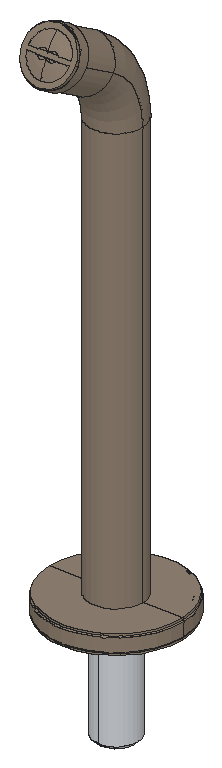
Revit family "Reece_Tap_Milli_Etch_Wall Basin or Bath Outlet", category Plumbing Fixtures, host Face, Revit 2018
Family settings
  Host = Face
  Round Connector Dimension = Use Diameter
  Part Type = Normal
  Cut with Voids When Loaded = No
  Shared = Yes
  Room Calculation Point = Yes
Parameters (values of type "250 mm_Brushed Bronze")
  WFU = 0  # constant formula
  URL = "https://www.reece.com.au/product/-21869"
  Type Comments = "Tap"
  Reece_Tap_Reach = 250 mm
  Reece_Tap_Inlet = 12 mm  # constant formula
  Reece_Product_Web Page = "https://www.reece.com.au/product/-21869"
  Reece_Product_Type = "Tap"
  Reece_Product_Sub Brand = "Etch"
  Reece_Product_Number = "21869"
  Reece_Product_Mount = "Wall Mounted"
  Reece_Product_Description = "Milli Etch Wall Basin / Bath Outlet 250mm Brushed Bronze (6 Star) Lead Free"
  Reece_Product_Brand = "Milli"
  Reece_Material_Secondary = Reece_PVD_Brushed Bronze_Knurl Pattern
  Reece_Material_Main = Reece_PVD_Brushed Bronze
  Reece_Detail_Installation = ""
  Reece_Detail_Disclaimer = "THIS FILE IS THE PROPERTY OF THE REECE GROUP. IT MAY NOT BE REPRODUCED, REVERSE-ENGINEERED, OR MODIFIED. ANY REPUBLICATION, TRANSMISSION, OR DISTRIBUTION FOR THE PURPOSE OF COMMERCIALLY EXPLOITING THE FILES IS PROHIBITED."  # constant formula
  Reece_Detail_Connector = ""
  Reece_Detail_Additional = "Wall Basin or Bath Outlet"
  Model = "Etch"
  Manufacturer = "Milli"
  Keynote = "Product #21869, Reece_Tap_Milli_Etch_Wall Basin or Bath Outlet - 250 mm_Brushed Bronze"
  HWFU = 0  # constant formula
  Disclaimer = "THIS FILE IS THE PROPERTY OF THE REECE GROUP. IT MAY NOT BE REPRODUCED, REVERSE-ENGINEERED, OR MODIFIED. ANY REPUBLICATION, TRANSMISSION, OR DISTRIBUTION FOR THE PURPOSE OF COMMERCIALLY EXPLOITING THE FILES IS PROHIBITED."  # constant formula
  Description = "Milli Etch Wall Basin / Bath Outlet 250mm Brushed Bronze (6 Star) Lead Free"
  Default Elevation = 1000 mm
  CWFU = 0  # constant formula
Types (18, lengths in mm): name | URL | Reece_Tap_Reach | Reece_Product_Web Page | Reece_Product_Number | Reece_Product_Description | Reece_Material_Secondary | Reece_Material_Main | Keynote | Description
  160 mm_Chrome | "https://www.reece.com.au/product/-21852" | 160 | "https://www.reece.com.au/product/-21852" | "21852" | "Milli Etch Wall Basin / Bath Outlet 160mm Chrome (6 Star) Lead Free" | Reece_Brass_Chrome_Knurl Pattern | Reece_Brass_Chrome | "Product #21852, Reece_Tap_Milli_Etch_Wall Basin or Bath Outlet - 160 mm_Chrome" | "Milli Etch Wall Basin / Bath Outlet 160mm Chrome (6 Star) Lead Free"
  250 mm_Chrome | "https://www.reece.com.au/product/-21864" | 250 | "https://www.reece.com.au/product/-21864" | "21864" | "Milli Etch Wall Basin / Bath Outlet 250mm Chrome (6 Star) Lead Free" | Reece_Brass_Chrome_Knurl Pattern | Reece_Brass_Chrome | "Product #21864, Reece_Tap_Milli_Etch_Wall Basin or Bath Outlet - 250 mm_Chrome" | "Milli Etch Wall Basin / Bath Outlet 250mm Chrome (6 Star) Lead Free"
  200 mm_Chrome | "https://www.reece.com.au/product/-21858" | 200 | "https://www.reece.com.au/product/-21858" | "21858" | "Milli Etch Wall Basin / Bath Outlet 200mm Chrome (6 Star) Lead Free" | Reece_Brass_Chrome_Knurl Pattern | Reece_Brass_Chrome | "Product #21858, Reece_Tap_Milli_Etch_Wall Basin or Bath Outlet - 200 mm_Chrome" | "Milli Etch Wall Basin / Bath Outlet 200mm Chrome (6 Star) Lead Free"
  250 mm_Brushed Gunmetal | "https://www.reece.com.au/product/-21868" | 250 | "https://www.reece.com.au/product/-21868" | "21868" | "Milli Etch Wall Basin / Bath Outlet 250mm Brushed Gunmetal (6 Star) Lead Free" | Reece_Brass_Brushed Gunmetal_Knurl Pattern | Reece_Brass_Brushed Gunmetal | "Product #21868, Reece_Tap_Milli_Etch_Wall Basin or Bath Outlet - 250 mm_Brushed Gunmetal" | "Milli Etch Wall Basin / Bath Outlet 250mm Brushed Gunmetal (6 Star) Lead Free"
  250 mm_Brushed Bronze | "https://www.reece.com.au/product/-21869" | 250 | "https://www.reece.com.au/product/-21869" | "21869" | "Milli Etch Wall Basin / Bath Outlet 250mm Brushed Bronze (6 Star) Lead Free" | Reece_PVD_Brushed Bronze_Knurl Pattern | Reece_PVD_Brushed Bronze | "Product #21869, Reece_Tap_Milli_Etch_Wall Basin or Bath Outlet - 250 mm_Brushed Bronze" | "Milli Etch Wall Basin / Bath Outlet 250mm Brushed Bronze (6 Star) Lead Free"
  250 mm_Brushed Gold | "https://www.reece.com.au/product/-21867" | 250 | "https://www.reece.com.au/product/-21867" | "21867" | "Milli Etch Wall Basin / Bath Outlet 250mm Brushed Gold (6 Star) Lead Free" | Reece_PVD_Brushed Gold_Knurl Pattern | Reece_PVD_Brushed Gold | "Product #21867, Reece_Tap_Milli_Etch_Wall Basin or Bath Outlet - 250 mm_Brushed Gold" | "Milli Etch Wall Basin / Bath Outlet 250mm Brushed Gold (6 Star) Lead Free"
  250 mm_Matte Black | "https://www.reece.com.au/product/-21865" | 250 | "https://www.reece.com.au/product/-21865" | "21865" | "Milli Etch Wall Basin / Bath Outlet 250mm Matte Black (6 Star) Lead Free" | Reece_Brass_Matte Black_Knurl Pattern | Reece_Brass_Matte Black | "Product #21865, Reece_Tap_Milli_Etch_Wall Basin or Bath Outlet - 250 mm_Matte Black" | "Milli Etch Wall Basin / Bath Outlet 250mm Matte Black (6 Star) Lead Free"
  250 mm_Brushed Nickel | "https://www.reece.com.au/product/-21866" | 250 | "https://www.reece.com.au/product/-21866" | "21866" | "Milli Etch Wall Basin / Bath Outlet 250mm Brushed Nickel (6 Star) Lead Free" | Reece_Brass_Brushed Nickel_Knurl Pattern | Reece_Brass_Brushed Nickel | "Product #21866, Reece_Tap_Milli_Etch_Wall Basin or Bath Outlet - 250 mm_Brushed Nickel" | "Milli Etch Wall Basin / Bath Outlet 250mm Brushed Nickel (6 Star) Lead Free"
  200 mm_Brushed Bronze | "https://www.reece.com.au/product/-21863" | 200 | "https://www.reece.com.au/product/-21863" | "21863" | "Milli Etch Wall Basin / Bath Outlet 200mm Brushed Bronze (6 Star) Lead Free" | Reece_PVD_Brushed Bronze_Knurl Pattern | Reece_PVD_Brushed Bronze | "Product #21863, Reece_Tap_Milli_Etch_Wall Basin or Bath Outlet - 200 mm_Brushed Bronze" | "Milli Etch Wall Basin / Bath Outlet 200mm Brushed Bronze (6 Star) Lead Free"
  200 mm_Brushed Gold | "https://www.reece.com.au/product/-21861" | 200 | "https://www.reece.com.au/product/-21861" | "21861" | "Milli Etch Wall Basin / Bath Outlet 200mm Brushed Gold (6 Star) Lead Free" | Reece_PVD_Brushed Gold_Knurl Pattern | Reece_PVD_Brushed Gold | "Product #21861, Reece_Tap_Milli_Etch_Wall Basin or Bath Outlet - 200 mm_Brushed Gold" | "Milli Etch Wall Basin / Bath Outlet 200mm Brushed Gold (6 Star) Lead Free"
  200 mm_Brushed Gunmetal | "https://www.reece.com.au/product/-21862" | 200 | "https://www.reece.com.au/product/-21862" | "21862" | "Milli Etch Wall Basin / Bath Outlet 200mm Brushed Gunmetal (6 Star) Lead Free" | Reece_Brass_Brushed Gunmetal_Knurl Pattern | Reece_Brass_Brushed Gunmetal | "Product #21862, Reece_Tap_Milli_Etch_Wall Basin or Bath Outlet - 200 mm_Brushed Gunmetal" | "Milli Etch Wall Basin / Bath Outlet 200mm Brushed Gunmetal (6 Star) Lead Free"
  200 mm_Matte Black | "https://www.reece.com.au/product/-21859" | 200 | "https://www.reece.com.au/product/-21859" | "21859" | "Milli Etch Wall Basin / Bath Outlet 200mm Matte Black (6 Star) Lead Free" | Reece_Brass_Matte Black_Knurl Pattern | Reece_Brass_Matte Black | "Product #21859, Reece_Tap_Milli_Etch_Wall Basin or Bath Outlet - 200 mm_Matte Black" | "Milli Etch Wall Basin / Bath Outlet 200mm Matte Black (6 Star) Lead Free"
  200 mm_Brushed Nickel | "https://www.reece.com.au/product/-21860" | 200 | "https://www.reece.com.au/product/-21860" | "21860" | "Milli Etch Wall Basin / Bath Outlet 200mm Brushed Nickel (6 Star) Lead Free" | Reece_Brass_Brushed Nickel_Knurl Pattern | Reece_Brass_Brushed Nickel | "Product #21860, Reece_Tap_Milli_Etch_Wall Basin or Bath Outlet - 200 mm_Brushed Nickel" | "Milli Etch Wall Basin / Bath Outlet 200mm Brushed Nickel (6 Star) Lead Free"
  160 mm_Matte Black | "https://www.reece.com.au/product/-21853" | 160 | "https://www.reece.com.au/product/-21853" | "21853" | "Milli Etch Wall Basin / Bath Outlet 160mm Matte Black (6 Star) Lead Free" | Reece_Brass_Matte Black_Knurl Pattern | Reece_Brass_Matte Black | "Product #21853, Reece_Tap_Milli_Etch_Wall Basin or Bath Outlet - 160 mm_Matte Black" | "Milli Etch Wall Basin / Bath Outlet 160mm Matte Black (6 Star) Lead Free"
  160 mm_Brushed Bronze | "https://www.reece.com.au/product/-21857" | 160 | "https://www.reece.com.au/product/-21857" | "21857" | "Milli Etch Wall Basin / Bath Outlet 160mm Brushed Bronze (6 Star) Lead Free" | Reece_PVD_Brushed Bronze_Knurl Pattern | Reece_PVD_Brushed Bronze | "Product #21857, Reece_Tap_Milli_Etch_Wall Basin or Bath Outlet - 160 mm_Brushed Bronze" | "Milli Etch Wall Basin / Bath Outlet 160mm Brushed Bronze (6 Star) Lead Free"
  160 mm_Brushed Gold | "https://www.reece.com.au/product/-21855" | 160 | "https://www.reece.com.au/product/-21855" | "21855" | "Milli Etch Wall Basin / Bath Outlet 160mm Brushed Gold (6 Star) Lead Free" | Reece_PVD_Brushed Gold_Knurl Pattern | Reece_PVD_Brushed Gold | "Product #21855, Reece_Tap_Milli_Etch_Wall Basin or Bath Outlet - 160 mm_Brushed Gold" | "Milli Etch Wall Basin / Bath Outlet 160mm Brushed Gold (6 Star) Lead Free"
  160 mm_Brushed Gunmetal | "https://www.reece.com.au/product/-21856" | 160 | "https://www.reece.com.au/product/-21856" | "21856" | "Milli Etch Wall Basin / Bath Outlet 160mm Brushed Gunmetal (6 Star) Lead Free" | Reece_Brass_Brushed Gunmetal_Knurl Pattern | Reece_Brass_Brushed Gunmetal | "Product #21856, Reece_Tap_Milli_Etch_Wall Basin or Bath Outlet - 160 mm_Brushed Gunmetal" | "Milli Etch Wall Basin / Bath Outlet 160mm Brushed Gunmetal (6 Star) Lead Free"
  160 mm_Brushed Nickel | "https://www.reece.com.au/product/-21854" | 160 | "https://www.reece.com.au/product/-21854" | "21854" | "Milli Etch Wall Basin / Bath Outlet 160mm Brushed Nickel (6 Star) Lead Free" | Reece_Brass_Brushed Nickel_Knurl Pattern | Reece_Brass_Brushed Nickel | "Product #21854, Reece_Tap_Milli_Etch_Wall Basin or Bath Outlet - 160 mm_Brushed Nickel" | "Milli Etch Wall Basin / Bath Outlet 160mm Brushed Nickel (6 Star) Lead Free"
Reference planes
  plane 1 "Center (Front/Back)": y = 0
  plane 2 "Bottom": z = 0
  plane 3 "Center (Left/Right)": x = 0
  plane 4: y = -39
  plane 5: z = 250
Forms (mm)
  Sweep 1, solid, material "Reece_PVD_Brushed Bronze" <- "Reece_Material_Main"
    path origin (0, 0, 0) x (0, 1, 0) y (0, 0, 1)
      loop
        line (-39, 250) -> (-17.5, 237.587)
        arc (-17.5, 237.587) -> (-4.689, 224.776) -> (0, 207.276) r 35
        line (0, 207.276) -> (0, 9)
    profile origin (0, 0, 108.138) x (1, 0, 0) y (0, 1, 0)
      loop
        circle (0, 0) r 12.5
  Revolve 2, solid, material "Reece_PVD_Brushed Bronze" <- "Reece_Material_Main"
    sketch origin (0, 0, 0) x (0, 1, 0) y (0, 0, 1)
      loop
        line (-44.563, 240.365) -> (-43.306, 239.64) -> (-37.743, 249.274) -> (-40.166, 250.673)
        arc (-40.166, 250.673) -> (-42.427, 246.229) -> (-43.923, 241.472) r 30.102
        line (-43.923, 241.472) -> (-44.563, 240.365)
      axis (-40.166, 250.673) -> (-37.743, 249.274)
    angle from 0 to 360
  Extrusion 3, void
    sketch origin (0, 0, 0) x (0, 1, 0) y (0, 0, 1)
      loop
        line (-39.5, 249.134) -> (-38.5, 250.866) -> (-41.773, 252.756) -> (-42.773, 251.023) -> (-39.5, 249.134)
    from 20 to -20.015
  Revolve 4, solid
    sketch origin (0, 0, 0) x (0, 1, 0) y (0, 0, 1)
      loop
        line (10, 0) -> (0, 0) -> (0, -46.355) -> (7.554, -46.355) -> (7.554, -51.355) -> (8.645, -51.355) -> (10, -50) -> (10, 0)
      axis (0, -51.355) -> (0, 0)
    angle from 0 to 360
  Revolve 5, void
    sketch origin (0, 0, 0) x (0, 1, 0) y (0, 0, 1)
      loop
        line (15, 0) -> (0, 0) -> (0, -80) -> (15, -80) -> (15, 0)
      axis (0, 0) -> (0, -80)
    angle from 0 to 360
  Revolve 6, solid, material "Reece_PVD_Brushed Bronze_Knurl Pattern" <- "Reece_Material_Secondary"
    sketch origin (0, 0, 0) x (0, 1, 0) y (0, 0, 1)
      loop
        line (-38.134, 249.5) -> (-33.804, 247) -> (-27.304, 258.258) -> (-31.634, 260.758) -> (-38.134, 249.5)
      axis (-38.134, 249.5) -> (-33.804, 247)
    angle from 0 to 360
  Revolve 7, solid, material "Reece_PVD_Brushed Bronze_Knurl Pattern" <- "Reece_Material_Secondary"
    sketch origin (60, 0, 0) x (1, 0, 0) y (0, 0, 1)
      loop
        line (-90.7, 7.6) -> (-91.5, 7.6) -> (-91.5, 1.4) -> (-90.7, 1.4) -> (-90.7, 7.6)
      axis (-60, 7.6) -> (-60, 1.4)
    angle from 0 to 360
  Revolve 8, solid, material "Reece_PVD_Brushed Bronze" <- "Reece_Material_Main"
    sketch origin (165, 0, 0) x (1, 0, 0) y (0, 0, 1)
      loop
        line (-196, 9) -> (-196, 8.2) -> (-196.5, 7.6) -> (-193.5, 7.6) -> (-193.5, 1.4) -> (-196.5, 1.4) -> (-196, 0.8) -> (-196, 0) -> (-171, 0) -> (-171, 4.5) -> (-165, 4.5) -> (-165, 9) -> (-196, 9)
      axis (-165, 9) -> (-165, 0)
    angle from 0 to 360
Cuts and joins
  Extrusion 3 cuts Sweep 1
  Extrusion 3 cuts Revolve 2
  joined: Sweep 1, Revolve 2
Text (mm)
  text "Reece ©" at (-376.789, -229.394, 0), in view "Ref. Level"
  text "Reece ©" at (44.384, 258.95, 192.345), in view "Reece Preview"
Dimensions and locks
  "Reece_Tap_Reach": plane 5 to level
  plane 5 to Sweep 1 sketch curve to Sweep 1 sketch curve = 12.413 mm locked, 30.311 mm locked
  Extrusion 3 sketch curve to Extrusion 3 sketch curve to Extrusion 3 sketch curve to plane 5 to Extrusion 3 sketch curve = 1.732 mm locked, 0.157 mm locked, 0.866 mm locked, 0.866 mm locked
  Revolve 6 sketch curve to Revolve 6 sketch curve to plane 5 = 3.709 mm locked, 3.052 mm locked
  Revolve 6 sketch curve to Revolve 6 sketch curve to plane 5 to Revolve 6 sketch curve to Revolve 6 sketch curve = 2.5 mm locked, 8.258 mm locked, 0.5 mm locked, 2.5 mm locked
  locked: Revolve 7 sketch curve to Revolve 7 sketch curve at 0.8
  aligned and locked: plane 2 "Bottom" to host face
  aligned and locked: level to host face
  aligned and locked: plane 1 "Center (Front/Back)" to Sweep 1 sketch curve
  aligned and locked: plane 4 to Sweep 1 sketch curve
  aligned and locked: plane 5 to Sweep 1 sketch curve
  aligned and locked: plane 1 "Center (Front/Back)" to Revolve 4 sketch curve
  aligned and locked: Revolve 5 sketch curve to plane 1 "Center (Front/Back)"
Automatic sketch dimensions
  host sketch curve to host sketch curve = 380.785 mm
  host sketch curve to host sketch curve = 317.421 mm
  Sweep 1 sketch curve to plane 3 "Center (Left/Right)" = 0 mm
  profile plane to Sweep 1 sketch curve = 0 mm
  plane 4 to Extrusion 3 sketch curve = 3.773 mm
  Extrusion 3 sketch curve to Extrusion 3 sketch curve = 1 mm
  level to Sweep 1 sketch curve = 9 mm
  Revolve 4 sketch curve to plane 1 "Center (Front/Back)" = 0 mm
  level to Revolve 4 sketch curve = 0 mm
  Revolve 4 sketch curve to Revolve 4 sketch curve = 7.554 mm
  Revolve 4 sketch curve to Revolve 4 sketch curve = 1.091 mm
  Revolve 4 sketch curve to Revolve 4 sketch curve = 1.355 mm  (x2)
  Revolve 4 sketch curve to level = 46.355 mm
  Revolve 4 sketch curve to Revolve 4 sketch curve = 3.645 mm
  Revolve 4 sketch curve to Revolve 4 sketch curve = 0 mm
  Revolve 4 sketch curve to Revolve 4 sketch curve = 25.327 mm
  Revolve 5 sketch curve to plane 1 "Center (Front/Back)" = 0 mm
  level to Revolve 5 sketch curve = 0 mm
  Revolve 5 sketch curve to Revolve 5 sketch curve = 15 mm
  Revolve 5 sketch curve to level = 80 mm
  Revolve 5 sketch curve to Revolve 5 sketch curve = 15.547 mm
  Revolve 5 sketch curve to Revolve 5 sketch curve = 20 mm
  Revolve 6 sketch curve to plane 4 = 0.866 mm
  Revolve 6 sketch curve to Revolve 6 sketch curve = 4.33 mm
  plane 4 to Revolve 6 sketch curve = 11.71 mm
  plane 4 to Revolve 6 sketch curve = 5.286 mm
  plane 4 to Revolve 2 sketch curve = 5.563 mm
  Revolve 2 sketch curve to Revolve 2 sketch curve = 1.257 mm
  Revolve 2 sketch curve to plane 4 = 1.257 mm
  plane 1 "Center (Front/Back)" to Revolve 2 sketch curve = 14.559 mm
  Revolve 2 sketch curve to Revolve 2 sketch curve = 0.726 mm
  plane 4 to Revolve 2 sketch curve = 8.344 mm
  Revolve 2 sketch curve to Revolve 2 sketch curve = 0.639 mm
  Revolve 2 sketch curve to Revolve 2 sketch curve = 3.73 mm
  plane 4 to Revolve 2 sketch curve = 1.166 mm
  plane 5 to Revolve 2 sketch curve = 0.673 mm
  plane 5 to Revolve 2 sketch curve = 2.664 mm
  Revolve 2 sketch curve to Revolve 2 sketch curve = 2.154 mm
  Revolve 7 sketch curve to level = 0 mm
  level to Revolve 7 sketch curve = 7.6 mm
  Revolve 7 sketch curve to plane 3 "Center (Left/Right)" = 31.5 mm
  level to Revolve 7 sketch curve = 1.4 mm
  Revolve 7 sketch curve to Revolve 7 sketch curve = 30.7 mm
  Revolve 7 sketch curve to Revolve 7 sketch curve = 42.931 mm
  Revolve 8 sketch curve to level = 0 mm  (x2)
  level to Revolve 8 sketch curve = 7.6 mm
  Revolve 8 sketch curve to plane 3 "Center (Left/Right)" = 31.5 mm
  level to Revolve 8 sketch curve = 1.4 mm
  Revolve 8 sketch curve to Revolve 8 sketch curve = 0 mm  (x2)
  Revolve 8 sketch curve to Revolve 8 sketch curve = 0.5 mm  (x2)
  Revolve 8 sketch curve to Revolve 8 sketch curve = 2.5 mm
  level to Revolve 8 sketch curve = 4.5 mm
  Revolve 8 sketch curve to Revolve 8 sketch curve = 22.5 mm
  Revolve 8 sketch curve to Revolve 8 sketch curve = 6 mm
  Revolve 8 sketch curve to Revolve 8 sketch curve = 0.6 mm  (x2)
  Revolve 8 sketch curve to Revolve 8 sketch curve = 4.5 mm
  Revolve 8 sketch curve to Revolve 8 sketch curve = 8.215 mm
  radius of Sweep 1 sketch curve = 12.5 mm
Connectors
  piping at (0, 0, 4.5), diameter 12, driven by "Reece_Tap_Inlet"
    settings: on cut or joined group of Sweep 1, Revolve 2, Extrusion 3, index 1, connector inside diameter 609.6 mm, connector length 0 mm, flow factor 0, pipe flow 0.0 L/s, pressure drop 0.0 Pa, fitting loss kfactor 0, connector angle 0.00°, fixture units 0, engagement length 0 mm, angle of deflection 0.00°, flow configuration 0, flow direction 2, fitting loss method 0, system type 29, joint type 0, gender type 0, connector reference index -1, connector utility 0, adjustable connector no, is connector primary yes, connector description ""
